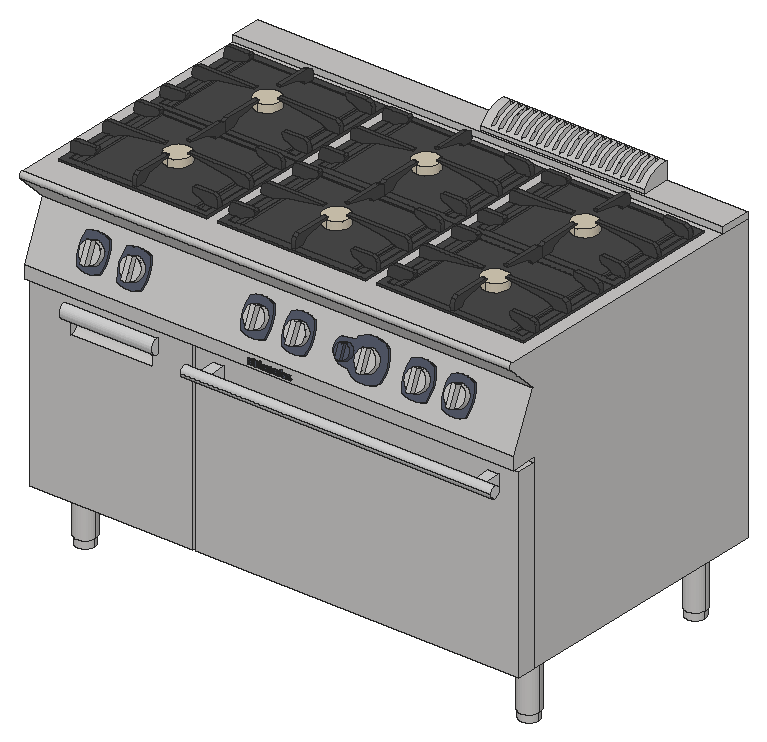
Revit family "QF_ELECTROLUXPROFESSIONAL_371407_E7AANTBFMII", category Attrezzature speciali, Revit 2018 (continued)
Automatic sketch dimensions
  Extrusion 41 sketch curve to Extrusion 41 sketch curve = 0.936 mm
  Extrusion 41 sketch curve to Extrusion 41 sketch curve = 0.594 mm
  Extrusion 41 sketch curve to Extrusion 41 sketch curve = 0.343 mm
  Extrusion 41 sketch curve to Extrusion 41 sketch curve = 0.159 mm
  Extrusion 41 sketch curve to Extrusion 41 sketch curve = 0.826 mm
  Extrusion 41 sketch curve to Extrusion 41 sketch curve = 0.839 mm
  Extrusion 41 sketch curve to Extrusion 41 sketch curve = 0.852 mm
  Extrusion 41 sketch curve to Extrusion 41 sketch curve = 0.887 mm
  Extrusion 41 sketch curve to Extrusion 41 sketch curve = 0.928 mm
  Extrusion 41 sketch curve to Extrusion 41 sketch curve = 0.938 mm
  Extrusion 41 sketch curve to Extrusion 41 sketch curve = 0.444 mm
  Extrusion 41 sketch curve to Extrusion 41 sketch curve = 1.11 mm  (x3)
  plane 7 "Center Y" to Extrusion 41 sketch curve = 43.726 mm
  Extrusion 41 sketch curve to Extrusion 41 sketch curve = 0.215 mm
  plane 7 "Center Y" to Extrusion 41 sketch curve = 0.332 mm
  Extrusion 41 sketch curve to Extrusion 41 sketch curve = 1.43 mm
  Extrusion 41 sketch curve to Extrusion 41 sketch curve = 1.188 mm
  Extrusion 41 sketch curve to Extrusion 41 sketch curve = 1.21 mm  (x2)
  Extrusion 41 sketch curve to Extrusion 41 sketch curve = 0.503 mm
  plane 7 "Center Y" to Extrusion 41 sketch curve = 48.995 mm
  Extrusion 41 sketch curve to Extrusion 41 sketch curve = 0.488 mm
  plane 7 "Center Y" to Extrusion 41 sketch curve = 52.922 mm
  Extrusion 41 sketch curve to Extrusion 41 sketch curve = 0.462 mm
  Extrusion 41 sketch curve to Extrusion 41 sketch curve = 1.386 mm
  Extrusion 41 sketch curve to Extrusion 41 sketch curve = 1.742 mm
  Extrusion 41 sketch curve to Extrusion 41 sketch curve = 0.821 mm
  Extrusion 41 sketch curve to Extrusion 41 sketch curve = 0.497 mm
  Extrusion 41 sketch curve to Extrusion 41 sketch curve = 0.539 mm
  Extrusion 41 sketch curve to Extrusion 41 sketch curve = 0.686 mm
  Extrusion 41 sketch curve to plane 7 "Center Y" = 0.042 mm
  Extrusion 41 sketch curve to Extrusion 41 sketch curve = 0.408 mm
  Extrusion 41 sketch curve to Extrusion 41 sketch curve = 0.743 mm
  Extrusion 41 sketch curve to Extrusion 41 sketch curve = 1.16 mm
  Extrusion 41 sketch curve to Extrusion 41 sketch curve = 0.329 mm
  Extrusion 41 sketch curve to Extrusion 41 sketch curve = 1.054 mm
  Extrusion 41 sketch curve to Extrusion 41 sketch curve = 1.056 mm
  Extrusion 41 sketch curve to Extrusion 41 sketch curve = 0.129 mm
  Extrusion 41 sketch curve to Extrusion 41 sketch curve = 0.489 mm
  Extrusion 41 sketch curve to plane 7 "Center Y" = 0.376 mm
  Extrusion 41 sketch curve to Extrusion 41 sketch curve = 0.441 mm
  Extrusion 41 sketch curve to Extrusion 41 sketch curve = 1.151 mm
  Extrusion 41 sketch curve to Extrusion 41 sketch curve = 1.141 mm  (x2)
  Extrusion 41 sketch curve to Extrusion 41 sketch curve = 0.768 mm
  Extrusion 41 sketch curve to Extrusion 41 sketch curve = 1.653 mm
  Extrusion 41 sketch curve to Extrusion 41 sketch curve = 0.499 mm
  Extrusion 41 sketch curve to Extrusion 41 sketch curve = 0.964 mm
  Extrusion 41 sketch curve to Extrusion 41 sketch curve = 0.949 mm
  Extrusion 41 sketch curve to Extrusion 41 sketch curve = 1.345 mm  (x3)
  Extrusion 41 sketch curve to Extrusion 41 sketch curve = 1.101 mm
  Extrusion 41 sketch curve to Extrusion 41 sketch curve = 0.432 mm
  Extrusion 41 sketch curve to Extrusion 41 sketch curve = 1.142 mm
  Extrusion 41 sketch curve to Extrusion 41 sketch curve = 0.959 mm
  Extrusion 41 sketch curve to Extrusion 41 sketch curve = 0.176 mm
  Extrusion 41 sketch curve to Extrusion 41 sketch curve = 0.728 mm
  Extrusion 41 sketch curve to Extrusion 41 sketch curve = 3.375 mm  (x2)
  Extrusion 41 sketch curve to Extrusion 41 sketch curve = 0.541 mm
  Extrusion 41 sketch curve to Extrusion 41 sketch curve = 0.955 mm
  Extrusion 41 sketch curve to Extrusion 41 sketch curve = 1.251 mm
  Extrusion 41 sketch curve to Extrusion 41 sketch curve = 0.572 mm
  plane 7 "Center Y" to Extrusion 41 sketch curve = 47.619 mm
  Extrusion 41 sketch curve to Extrusion 41 sketch curve = 1.92 mm
  Extrusion 41 sketch curve to Extrusion 41 sketch curve = 1.224 mm
  Extrusion 41 sketch curve to Extrusion 41 sketch curve = 0.745 mm
  Extrusion 41 sketch curve to Extrusion 41 sketch curve = 0.036 mm
  Extrusion 41 sketch curve to Extrusion 41 sketch curve = 0.896 mm  (x3)
  Extrusion 41 sketch curve to Extrusion 41 sketch curve = 2.607 mm
  Extrusion 41 sketch curve to Extrusion 41 sketch curve = 0.066 mm
  Extrusion 41 sketch curve to Extrusion 41 sketch curve = 0.248 mm
  Extrusion 41 sketch curve to Extrusion 41 sketch curve = 0.449 mm
  plane 7 "Center Y" to Extrusion 41 sketch curve = 46.838 mm
  Extrusion 41 sketch curve to Extrusion 41 sketch curve = 1.052 mm
  Extrusion 41 sketch curve to Extrusion 41 sketch curve = 1.863 mm
  Extrusion 41 sketch curve to Extrusion 41 sketch curve = 1.31 mm  (x2)
  Extrusion 41 sketch curve to Extrusion 41 sketch curve = 0.901 mm
  Extrusion 41 sketch curve to Extrusion 41 sketch curve = 1.107 mm
  Extrusion 41 sketch curve to Extrusion 41 sketch curve = 2.122 mm
  Extrusion 41 sketch curve to Extrusion 41 sketch curve = 2.101 mm
  Extrusion 41 sketch curve to Extrusion 41 sketch curve = 0.106 mm
  Extrusion 41 sketch curve to Extrusion 41 sketch curve = 0.029 mm
  plane 7 "Center Y" to Extrusion 41 sketch curve = 49.641 mm
  Extrusion 41 sketch curve to Extrusion 41 sketch curve = 2.09 mm
  Extrusion 41 sketch curve to Extrusion 41 sketch curve = 1.279 mm
  Extrusion 41 sketch curve to Extrusion 41 sketch curve = 2.008 mm
  Extrusion 41 sketch curve to Extrusion 41 sketch curve = 0.738 mm
  Extrusion 41 sketch curve to Extrusion 41 sketch curve = 0.382 mm
  Extrusion 41 sketch curve to Extrusion 41 sketch curve = 0.384 mm
  Extrusion 41 sketch curve to Extrusion 41 sketch curve = 0.002 mm
  Extrusion 41 sketch curve to Extrusion 41 sketch curve = 0.561 mm
  Extrusion 41 sketch curve to Extrusion 41 sketch curve = 0.592 mm
  Extrusion 41 sketch curve to Extrusion 41 sketch curve = 2.692 mm
  Extrusion 41 sketch curve to Extrusion 41 sketch curve = 1.259 mm
  plane 7 "Center Y" to Extrusion 41 sketch curve = 48.858 mm
  Extrusion 41 sketch curve to Extrusion 41 sketch curve = 0.802 mm
  Extrusion 41 sketch curve to Extrusion 41 sketch curve = 1.024 mm
  Extrusion 41 sketch curve to Extrusion 41 sketch curve = 0.682 mm
  Extrusion 41 sketch curve to Extrusion 41 sketch curve = 5.934 mm
  Extrusion 41 sketch curve to Extrusion 41 sketch curve = 2.186 mm
  Extrusion 41 sketch curve to Extrusion 41 sketch curve = 0.337 mm
  Extrusion 41 sketch curve to Extrusion 41 sketch curve = 0.021 mm
  Extrusion 41 sketch curve to Extrusion 41 sketch curve = 1.005 mm
  Extrusion 41 sketch curve to Extrusion 41 sketch curve = 0.552 mm
  Extrusion 41 sketch curve to Extrusion 41 sketch curve = 0.778 mm
  Extrusion 41 sketch curve to Extrusion 41 sketch curve = 0.063 mm
  Extrusion 41 sketch curve to Extrusion 41 sketch curve = 1.023 mm
  Extrusion 41 sketch curve to Extrusion 41 sketch curve = 3.804 mm
  Extrusion 41 sketch curve to Extrusion 41 sketch curve = 0.486 mm
  Extrusion 41 sketch curve to Extrusion 41 sketch curve = 0.266 mm
  Extrusion 41 sketch curve to plane 7 "Center Y" = 0.787 mm
  Extrusion 41 sketch curve to Extrusion 41 sketch curve = 1.547 mm
  Extrusion 41 sketch curve to Extrusion 41 sketch curve = 0.717 mm  (x2)
  Extrusion 41 sketch curve to Extrusion 41 sketch curve = 1.667 mm
  plane 7 "Center Y" to Extrusion 41 sketch curve = 44.532 mm
  Extrusion 41 sketch curve to Extrusion 41 sketch curve = 3.174 mm
  plane 7 "Center Y" to Extrusion 41 sketch curve = 0.368 mm
  Extrusion 41 sketch curve to Extrusion 41 sketch curve = 0.388 mm
  Extrusion 41 sketch curve to Extrusion 41 sketch curve = 1.342 mm
  plane 7 "Center Y" to Extrusion 41 sketch curve = 50.135 mm
  Extrusion 41 sketch curve to Extrusion 41 sketch curve = 1.521 mm
  plane 7 "Center Y" to Extrusion 41 sketch curve = 51.694 mm
  Extrusion 41 sketch curve to Extrusion 41 sketch curve = 0.124 mm
  Extrusion 41 sketch curve to Extrusion 41 sketch curve = 0.291 mm
  plane 7 "Center Y" to Extrusion 41 sketch curve = 7.285 mm
  Extrusion 41 sketch curve to Extrusion 41 sketch curve = 1.049 mm  (x2)
  plane 7 "Center Y" to Extrusion 41 sketch curve = 47.668 mm
  Extrusion 41 sketch curve to Extrusion 41 sketch curve = 1.7 mm
  Extrusion 41 sketch curve to Extrusion 41 sketch curve = 0.894 mm
  Extrusion 41 sketch curve to Extrusion 41 sketch curve = 0.989 mm
  Extrusion 41 sketch curve to Extrusion 41 sketch curve = 1.168 mm
  Extrusion 41 sketch curve to Extrusion 41 sketch curve = 1.594 mm
  Extrusion 41 sketch curve to Extrusion 41 sketch curve = 0.731 mm
  Extrusion 41 sketch curve to Extrusion 41 sketch curve = 1.566 mm
  Extrusion 41 sketch curve to Extrusion 41 sketch curve = 0.064 mm
  plane 7 "Center Y" to Extrusion 41 sketch curve = 7.842 mm
  Extrusion 41 sketch curve to Extrusion 41 sketch curve = 0.556 mm
  Extrusion 41 sketch curve to Extrusion 41 sketch curve = 0.48 mm
  Extrusion 41 sketch curve to Extrusion 41 sketch curve = 0.228 mm
  Extrusion 41 sketch curve to Extrusion 41 sketch curve = 1.018 mm
  plane 7 "Center Y" to Extrusion 41 sketch curve = 37.429 mm
  Extrusion 41 sketch curve to Extrusion 41 sketch curve = 0.787 mm
  Extrusion 41 sketch curve to Extrusion 41 sketch curve = 0.618 mm
  plane 7 "Center Y" to Extrusion 41 sketch curve = 42.486 mm
  Extrusion 41 sketch curve to Extrusion 41 sketch curve = 1.672 mm
  plane 7 "Center Y" to Extrusion 41 sketch curve = 53.436 mm
  Extrusion 41 sketch curve to Extrusion 41 sketch curve = 1.361 mm
  Extrusion 41 sketch curve to Extrusion 41 sketch curve = 0.822 mm
  Extrusion 41 sketch curve to Extrusion 41 sketch curve = 0.069 mm
  Extrusion 41 sketch curve to Extrusion 41 sketch curve = 1.88 mm
  plane 7 "Center Y" to Extrusion 41 sketch curve = 35.269 mm
  Extrusion 41 sketch curve to Extrusion 41 sketch curve = 0.42 mm
  Extrusion 41 sketch curve to Extrusion 41 sketch curve = 0.062 mm
  Extrusion 41 sketch curve to Extrusion 41 sketch curve = 1.355 mm
  Extrusion 41 sketch curve to Extrusion 41 sketch curve = 2.34 mm
  Extrusion 41 sketch curve to Extrusion 41 sketch curve = 0.493 mm
  Extrusion 41 sketch curve to Extrusion 41 sketch curve = 0.136 mm
  Extrusion 41 sketch curve to Extrusion 41 sketch curve = 0.128 mm
  Extrusion 41 sketch curve to Extrusion 41 sketch curve = 3.616 mm
  Extrusion 41 sketch curve to Extrusion 41 sketch curve = 4.207 mm
  Extrusion 41 sketch curve to Extrusion 41 sketch curve = 0.183 mm
  Extrusion 41 sketch curve to Extrusion 41 sketch curve = 0.895 mm
  Extrusion 41 sketch curve to Extrusion 41 sketch curve = 1.314 mm
  Extrusion 41 sketch curve to Extrusion 41 sketch curve = 3.231 mm
  Extrusion 41 sketch curve to plane 7 "Center Y" = 23.526 mm
  Extrusion 41 sketch curve to Extrusion 41 sketch curve = 1.299 mm
  Extrusion 41 sketch curve to Extrusion 41 sketch curve = 1.214 mm
  plane 7 "Center Y" to Extrusion 41 sketch curve = 26.369 mm
  Extrusion 41 sketch curve to Extrusion 41 sketch curve = 1.264 mm
  Extrusion 41 sketch curve to Extrusion 41 sketch curve = 0.109 mm
  Extrusion 41 sketch curve to Extrusion 41 sketch curve = 0.357 mm
  Extrusion 41 sketch curve to Extrusion 41 sketch curve = 0.565 mm
  Extrusion 41 sketch curve to Extrusion 41 sketch curve = 2.504 mm
  Extrusion 41 sketch curve to Extrusion 41 sketch curve = 2.459 mm
  Extrusion 41 sketch curve to Extrusion 41 sketch curve = 0.983 mm
  Extrusion 41 sketch curve to Extrusion 41 sketch curve = 0.422 mm  (x2)
  Extrusion 41 sketch curve to Extrusion 41 sketch curve = 1.268 mm
  Extrusion 41 sketch curve to Extrusion 41 sketch curve = 0.671 mm
  Extrusion 41 sketch curve to Extrusion 41 sketch curve = 1.634 mm
  Extrusion 41 sketch curve to Extrusion 41 sketch curve = 0.132 mm
  Extrusion 41 sketch curve to Extrusion 41 sketch curve = 0.586 mm
  Extrusion 41 sketch curve to Extrusion 41 sketch curve = 1.241 mm
  Extrusion 41 sketch curve to Extrusion 41 sketch curve = 1.689 mm
  Extrusion 41 sketch curve to Extrusion 41 sketch curve = 0.627 mm
  Extrusion 41 sketch curve to Extrusion 41 sketch curve = 0.419 mm
  Extrusion 41 sketch curve to Extrusion 41 sketch curve = 1.514 mm
  Extrusion 41 sketch curve to Extrusion 41 sketch curve = 1.019 mm
  Extrusion 41 sketch curve to Extrusion 41 sketch curve = 0.065 mm
  Extrusion 41 sketch curve to Extrusion 41 sketch curve = 1.215 mm
  Extrusion 41 sketch curve to Extrusion 41 sketch curve = 1.122 mm
  Extrusion 41 sketch curve to Extrusion 41 sketch curve = 1.153 mm
  Extrusion 41 sketch curve to Extrusion 41 sketch curve = 1.223 mm
  Extrusion 41 sketch curve to Extrusion 41 sketch curve = 0.934 mm
  Extrusion 41 sketch curve to Extrusion 41 sketch curve = 3.376 mm
  Extrusion 41 sketch curve to Extrusion 41 sketch curve = 0.222 mm
  Extrusion 41 sketch curve to Extrusion 41 sketch curve = 1.383 mm
  Extrusion 41 sketch curve to Extrusion 41 sketch curve = 1.556 mm
  Extrusion 41 sketch curve to Extrusion 41 sketch curve = 2.559 mm
  Extrusion 41 sketch curve to Extrusion 41 sketch curve = 2.51 mm
  Extrusion 41 sketch curve to Extrusion 41 sketch curve = 0.131 mm
  Extrusion 41 sketch curve to Extrusion 41 sketch curve = 1.134 mm
  Extrusion 41 sketch curve to Extrusion 41 sketch curve = 0.094 mm
  Extrusion 41 sketch curve to Extrusion 41 sketch curve = 1.584 mm
  Extrusion 41 sketch curve to Extrusion 41 sketch curve = 0.27 mm
  Extrusion 41 sketch curve to Extrusion 41 sketch curve = 0.916 mm
  Extrusion 41 sketch curve to Extrusion 41 sketch curve = 0.352 mm
  Extrusion 41 sketch curve to Extrusion 41 sketch curve = 0.458 mm
  Extrusion 41 sketch curve to Extrusion 41 sketch curve = 1.282 mm
  Extrusion 41 sketch curve to Extrusion 41 sketch curve = 1.363 mm
  Extrusion 41 sketch curve to Extrusion 41 sketch curve = 0.685 mm
  Extrusion 41 sketch curve to Extrusion 41 sketch curve = 0.905 mm
  Extrusion 41 sketch curve to Extrusion 41 sketch curve = 1.477 mm
  Extrusion 41 sketch curve to Extrusion 41 sketch curve = 0.472 mm
  Extrusion 41 sketch curve to Extrusion 41 sketch curve = 0.101 mm
  Extrusion 41 sketch curve to Extrusion 41 sketch curve = 0.54 mm
  Extrusion 41 sketch curve to Extrusion 41 sketch curve = 0.02 mm
  Extrusion 41 sketch curve to Extrusion 41 sketch curve = 0.829 mm
  Extrusion 41 sketch curve to Extrusion 41 sketch curve = 0.582 mm
  Extrusion 41 sketch curve to Extrusion 41 sketch curve = 0.166 mm
  Extrusion 41 sketch curve to Extrusion 41 sketch curve = 0.16 mm
  Extrusion 41 sketch curve to Extrusion 41 sketch curve = 1.118 mm
  Extrusion 41 sketch curve to Extrusion 41 sketch curve = 0.613 mm
  Extrusion 41 sketch curve to Extrusion 41 sketch curve = 0.781 mm
  Extrusion 41 sketch curve to Extrusion 41 sketch curve = 0.361 mm
  Extrusion 41 sketch curve to Extrusion 41 sketch curve = 0.897 mm
  Extrusion 41 sketch curve to Extrusion 41 sketch curve = 0.167 mm
  Extrusion 41 sketch curve to Extrusion 41 sketch curve = 0.292 mm
  Extrusion 41 sketch curve to Extrusion 41 sketch curve = 0.305 mm
  Extrusion 41 sketch curve to Extrusion 41 sketch curve = 1.557 mm
  Extrusion 41 sketch curve to Extrusion 41 sketch curve = 2.499 mm
  Extrusion 41 sketch curve to Extrusion 41 sketch curve = 3.062 mm
  Extrusion 41 sketch curve to Extrusion 41 sketch curve = 2.968 mm
  Extrusion 41 sketch curve to Extrusion 41 sketch curve = 5.044 mm
  Extrusion 41 sketch curve to Extrusion 41 sketch curve = 0.629 mm  (x2)
  Extrusion 41 sketch curve to Extrusion 41 sketch curve = 1.131 mm
  Extrusion 41 sketch curve to Extrusion 41 sketch curve = 0.137 mm
  Extrusion 41 sketch curve to Extrusion 41 sketch curve = 0.027 mm
  Extrusion 41 sketch curve to Extrusion 41 sketch curve = 2.046 mm
  Extrusion 41 sketch curve to Extrusion 41 sketch curve = 2.235 mm
  radius of Extrusion 8 sketch curve = 6.35 mm
  radius of Extrusion 13 sketch curve = 12.7 mm
  radius of Extrusion 17 sketch curve = 25.4 mm
  radius of Extrusion 18 sketch curve to Extrusion 17 = 0 mm  (x2)
  radius of Extrusion 20 sketch curve = 25.4 mm
  radius of Extrusion 21 sketch curve to Extrusion 20 = 0 mm  (x2)
  radius of Extrusion 22 sketch curve = 18.37 mm
  radius of Extrusion 25 sketch curve = 25.4 mm
  radius of Extrusion 26 sketch curve to Extrusion 25 = 0 mm  (x2)
  radius of Extrusion 28 sketch curve = 25.4 mm
  radius of Extrusion 29 sketch curve to Extrusion 28 = 0 mm  (x2)
  radius of Extrusion 33 sketch curve = 25.4 mm
  radius of Extrusion 34 sketch curve to Extrusion 33 = 0 mm  (x2)
  radius of Extrusion 36 sketch curve = 25.4 mm
  radius of Extrusion 37 sketch curve to Extrusion 36 = 0 mm  (x2)
  radius of Extrusion 39 sketch curve = 25.4 mm
  radius of Extrusion 40 sketch curve to Extrusion 39 = 0 mm  (x2)
Nested families
  nested 1: "371009_BURNER" at (23.5, -5, 0), type "371009_BURNER"
    with Type Mark "", Status "", Specification by User "", Revision Code "", Item Number "", Installed By "", Identify Quantity as Lot yes, Furnished By "", Foodservice Equipment Identifier yes
  nested 2: "371009_BURNER" at (23.5, -739.127, 0), type "371009_BURNER"
    with Type Mark "", Status "", Specification by User "", Revision Code "", Item Number "", Installed By "", Identify Quantity as Lot yes, Furnished By "", Foodservice Equipment Identifier yes
  nested 3: "371009_BURNER" at (412.5, -5, 0), type "371009_BURNER"
    with Type Mark "", Status "", Specification by User "", Revision Code "", Item Number "", Installed By "", Identify Quantity as Lot yes, Furnished By "", Foodservice Equipment Identifier yes
  nested 4: "371009_BURNER" at (412.5, -739.127, 0), type "371009_BURNER"
    with Type Mark "", Status "", Specification by User "", Revision Code "", Item Number "", Installed By "", Identify Quantity as Lot yes, Furnished By "", Foodservice Equipment Identifier yes
  nested 5: "371009_BURNER" at (1176.5, -5, 0) x (-1, 0, 0) z (0, 0, 1), type "371009_BURNER"
    with Type Mark "", Status "", Specification by User "", Revision Code "", Item Number "", Installed By "", Identify Quantity as Lot yes, Furnished By "", Foodservice Equipment Identifier yes
  nested 6: "371009_BURNER" at (1176.5, -739.127, 0) x (-1, 0, 0) z (0, 0, 1), type "371009_BURNER"
    with Type Mark "", Status "", Specification by User "", Revision Code "", Item Number "", Installed By "", Identify Quantity as Lot yes, Furnished By "", Foodservice Equipment Identifier yes
Connectors
  piping at (1147.613, -464, 141.185), diameter 12.8
    settings: on Extrusion 8, index 1, connector inside diameter 0.50394", connector length 0 mm, flow factor 0, pipe flow 0 GPM, pressure drop 0.00 psi, fitting loss kfactor 0, connector angle 0.00°, fixture units 0, engagement length 0 mm, angle of deflection 0.00°, flow configuration 1, flow direction 1, fitting loss method 0, system type 7, joint type 0, gender type 0, connector reference index -1, connector utility 0, adjustable connector no, is connector primary yes, connector description "Gas Inlet"
Definition of nested family "371009_BURNER"
  Parameters
    Weight in Pounds = 0
    URL Cutsheet = ""
    URL = "www.electrolux.com"
    Type Mark [instance] = ""
    Status [instance] = ""
    Specification by User [instance] = ""
    Specification by Manufacturer = ""
    Serial Number = ""
    Seismic Rating = ""
    SMACNA No = ""
    Revision Code [instance] = ""
    Omniclass Number and Title = ""
    NAFEM Spec ID Number = ""
    Model = "371009"
    Masterspec = ""
    Manufacturer = "ELECTROLUX"
    Item Number [instance] = ""
    Installed By [instance] = ""
    Identify Quantity as Lot [instance] = yes
    Furnished By [instance] = ""
    Foodservice Equipment Identifier [instance] = yes
    Description = ""
    CSI MasterFormat = ""
    CSI Master Format = ""
  Reference planes
    plane 1 "BACK": y = 0
    plane 2: z = 0
    plane 3 "LEFT": x = 0
    plane 4 "RIGHT": x = 800
    plane 5 "FRONT": y = -700
    plane 6 "TOP": z = 908.85
    plane 7 "Center Y": x = 400
    plane 8 "Center X": y = -350
    plane 9 "Base": z = 150
    plane 10: z = 850.85
  Forms (mm)
    Extrusion 1, solid
      sketch origin (0, -734.127, 5) x (1, 0, 0) y (0, 0, -1)
        loop
          arc (7.142, -850.85) -> (6.739, -862.989) -> (9.761, -874.752) r 42.809
          line (9.761, -874.752) -> (19.961, -879.425) -> (157.339, -879.425)
          arc (157.339, -879.425) -> (158.533, -878.312) -> (157.506, -877.043) r 1.197
          line (157.506, -877.043) -> (64.848, -864.021)
          arc (64.848, -864.021) -> (50.111, -858.738) -> (36.589, -850.85) r 85.245
          line (36.589, -850.85) -> (7.142, -850.85)
        loop
          line (367.858, -850.85) -> (338.411, -850.85)
          arc (338.411, -850.85) -> (324.889, -858.738) -> (310.152, -864.021) r 85.245
          line (310.152, -864.021) -> (217.494, -877.043)
          arc (217.494, -877.043) -> (216.467, -878.312) -> (217.661, -879.425) r 1.197
          line (217.661, -879.425) -> (355.039, -879.425) -> (365.239, -874.752)
          arc (365.239, -874.752) -> (368.261, -862.989) -> (367.858, -850.85) r 42.809
      from 224.564 to 234.564
    Extrusion 2, solid
      sketch origin (0, -734.127, 5) x (1, 0, 0) y (0, 0, -1)
        loop
          arc (7.056, -850.85) -> (6.705, -862.948) -> (9.748, -874.663) r 42.876
          line (9.748, -874.663) -> (19.961, -879.425) -> (65.851, -879.425)
          arc (65.851, -879.425) -> (68.577, -878.352) -> (69.841, -875.709) r 4
          arc (69.841, -875.709) -> (68.75, -869.25) -> (64.816, -864.012) r 13.87
          arc (64.816, -864.012) -> (50.096, -858.731) -> (36.589, -850.85) r 85.245
          line (36.589, -850.85) -> (7.056, -850.85)
        loop
          line (367.944, -850.85) -> (338.411, -850.85)
          arc (338.411, -850.85) -> (324.904, -858.731) -> (310.184, -864.012) r 85.245
          arc (310.184, -864.012) -> (306.25, -869.25) -> (305.159, -875.709) r 13.87
          arc (305.159, -875.709) -> (306.423, -878.352) -> (309.149, -879.425) r 4
          line (309.149, -879.425) -> (355.039, -879.425) -> (365.252, -874.663)
          arc (365.252, -874.663) -> (368.295, -862.948) -> (367.944, -850.85) r 42.876
      from 127.064 to 137.064
    Extrusion 3, solid
      sketch origin (0, -275, 5) x (1, 0, 0) y (0, 0, 1)
        loop
          arc (64.816, 864.012) -> (68.75, 869.25) -> (69.841, 875.709) r 13.87
          arc (69.841, 875.709) -> (68.577, 878.352) -> (65.851, 879.425) r 4
          line (65.851, 879.425) -> (19.961, 879.425) -> (9.748, 874.663)
          arc (9.748, 874.663) -> (6.705, 862.948) -> (7.056, 850.85) r 42.876
          line (7.056, 850.85) -> (36.589, 850.85)
          arc (36.589, 850.85) -> (50.096, 858.731) -> (64.816, 864.012) r 85.245
        loop
          arc (310.184, 864.012) -> (324.904, 858.731) -> (338.411, 850.85) r 85.245
          line (338.411, 850.85) -> (367.944, 850.85)
          arc (367.944, 850.85) -> (368.295, 862.948) -> (365.252, 874.663) r 42.876
          line (365.252, 874.663) -> (355.039, 879.425) -> (309.149, 879.425)
          arc (309.149, 879.425) -> (306.423, 878.352) -> (305.159, 875.709) r 4
          arc (305.159, 875.709) -> (306.25, 869.25) -> (310.184, 864.012) r 13.87
      from 127.064 to 137.064
    Extrusion 4, solid
      sketch origin (454.964, -29.48, 5) x (0, -1, 0) y (0, 0, 1)
        loop
          arc (366.649, 850.85) -> (375.927, 861.743) -> (389.337, 866.736) r 28.426
          line (389.337, 866.736) -> (441.256, 877.043)
          arc (441.256, 877.043) -> (442.283, 878.312) -> (441.089, 879.425) r 1.197
          line (441.089, 879.425) -> (347.797, 879.425)
          arc (347.797, 879.425) -> (343.211, 875.934) -> (337.583, 874.694) r 13.39
          line (337.583, 874.694) -> (337.583, 850.85) -> (366.649, 850.85)
        loop
          arc (606.236, 850.85) -> (606.587, 862.948) -> (603.543, 874.663) r 42.876
          line (603.543, 874.663) -> (593.33, 879.425) -> (509.077, 879.425)
          arc (509.077, 879.425) -> (507.883, 878.312) -> (508.911, 877.043) r 1.197
          line (508.911, 877.043) -> (560.83, 866.736)
          arc (560.83, 866.736) -> (574.239, 861.743) -> (583.518, 850.85) r 28.426
          line (583.518, 850.85) -> (606.236, 850.85)
      from 262.464 to 272.464
    Extrusion 5, solid
      sketch origin (0, 0, 850.85) x (0, -1, 0) y (1, 0, 0)
        loop
          line (642.216, 6.433) -> (642.216, 368.567) -> (367.857, 368.567) -> (367.857, 6.433) -> (642.216, 6.433)
        loop
          line (382.857, 21.433) -> (627.216, 21.433) -> (627.216, 353.567) -> (382.857, 353.567) -> (382.857, 21.433)
      from 0 to 5
    Extrusion 6, solid
      sketch origin (-12.5, 0, 855.85) x (0, -1, 0) y (1, 0, 0)
        loop
          circle (504.356, 200) r 30
      from -1.321 to 17.134
    Extrusion 7, solid
      sketch origin (0, -734.127, 0) x (1, 0, 0) y (0, 0, -1)
        loop
          line (21.433, -855.85) -> (36.589, -855.85)
          arc (36.589, -855.85) -> (40.561, -855.243) -> (44.305, -853.783) r 18.259
          arc (44.305, -853.783) -> (45.997, -853.366) -> (47.69, -853.783) r 3.649
          arc (47.69, -853.783) -> (49.901, -854.522) -> (52.232, -854.529) r 7.328
          line (52.232, -854.529) -> (322.768, -854.529)
          arc (322.768, -854.529) -> (325.099, -854.522) -> (327.31, -853.783) r 7.328
          arc (327.31, -853.783) -> (329.003, -853.366) -> (330.695, -853.783) r 3.649
          arc (330.695, -853.783) -> (334.439, -855.243) -> (338.411, -855.85) r 18.259
          line (338.411, -855.85) -> (353.567, -855.85) -> (353.567, -850.85) -> (21.433, -850.85) -> (21.433, -855.85)
      from 106.911 to 351.27
  Lines and regions (mm)
    symbolic lines
      curve 1: line (6.433, -642.216, 150) -> (368.567, -642.216, 150)
      curve 2: line (6.433, -367.857, 150) -> (6.433, -642.216, 150)
      curve 3: line (368.567, -367.857, 150) -> (192.5, -367.857, 150)
      curve 4: line (368.567, -642.216, 150) -> (368.567, -367.857, 150)
      curve 5: line (353.567, -382.857, 150) -> (192.5, -382.857, 150)
      curve 6: line (353.567, -627.216, 150) -> (353.567, -607.064, 150)
      curve 7: line (21.433, -627.216, 150) -> (182.5, -627.216, 150)
      curve 8: line (21.433, -382.857, 150) -> (21.433, -402.064, 150)
      curve 9: line (52.232, -627.216, 150) -> (52.232, -607.064, 150)
      curve 10: line (322.567, -382.857, 150) -> (322.567, -402.064, 150)
      curve 11: line (148.125, -499.564, 150) -> (148.125, -382.857, 150)
      curve 12: line (154.375, -382.857, 150) -> (154.375, -499.564, 150)
      curve 13: arc (148.297, -509.564, 150) -> (159.191, -533.254, 150) -> (182.5, -544.942, 150) r 39.375
      curve 14: arc (220.42, -509.564, 150) -> (211.39, -528.832, 150) -> (192.5, -538.631, 150) r 33.125
      curve 15: line (220.625, -382.857, 150) -> (220.625, -499.564, 150)
      curve 16: line (226.875, -499.564, 150) -> (226.875, -382.857, 150)
      curve 17: line (192.5, -636.339, 150) -> (192.5, -535.619, 150)
      curve 18: arc (182.657, -474.75, 150) -> (166.195, -483.236, 150) -> (157.853, -499.771, 150) r 30
      curve 19: arc (192.224, -533.982, 150) -> (208.621, -525.661, 150) -> (217.084, -509.337, 150) r 30
      curve 20: line (368.567, -597.064, 150) -> (305.159, -597.064, 150)
      curve 21: line (6.433, -607.064, 150) -> (69.841, -607.064, 150)
      curve 22: line (6.433, -509.564, 150) -> (156.429, -509.564, 150)
      curve 23: line (368.567, -499.564, 150) -> (218.571, -499.564, 150)
      curve 24: line (6.433, -412.064, 150) -> (69.841, -412.064, 150)
      curve 25: line (368.567, -402.064, 150) -> (305.159, -402.064, 150)
      curve 26: line (69.841, -597.064, 150) -> (6.433, -597.064, 150)
      curve 27: line (305.159, -607.064, 150) -> (368.567, -607.064, 150)
      curve 28: line (69.841, -402.064, 150) -> (6.433, -402.064, 150)
      curve 29: line (305.159, -412.064, 150) -> (368.567, -412.064, 150)
      curve 30: arc (69.841, -597.064, 150) -> (74.841, -602.064, 150) -> (69.841, -607.064, 150) r 5
      curve 31: arc (305.159, -607.064, 150) -> (300.159, -602.064, 150) -> (305.159, -597.064, 150) r 5
      curve 32: arc (69.841, -402.064, 150) -> (74.841, -407.064, 150) -> (69.841, -412.064, 150) r 5
      curve 33: arc (305.159, -412.064, 150) -> (300.159, -407.064, 150) -> (305.159, -402.064, 150) r 5
      curve 34: line (21.433, -412.064, 150) -> (21.433, -499.564, 150)
      curve 35: line (52.232, -402.064, 150) -> (52.232, -382.857, 150)
      curve 36: line (21.433, -509.564, 150) -> (21.433, -597.064, 150)
      curve 37: line (52.232, -499.564, 150) -> (52.232, -412.064, 150)
      curve 38: line (52.232, -597.064, 150) -> (52.232, -509.564, 150)
      curve 39: line (21.433, -607.064, 150) -> (21.433, -627.216, 150)
      curve 40: line (322.567, -607.064, 150) -> (322.567, -627.216, 150)
      curve 41: line (353.567, -597.064, 150) -> (353.567, -509.564, 150)
      curve 42: line (322.567, -509.564, 150) -> (322.567, -597.064, 150)
      curve 43: line (353.567, -499.564, 150) -> (353.567, -412.064, 150)
      curve 44: line (353.567, -402.064, 150) -> (353.567, -382.857, 150)
      curve 45: line (322.567, -412.064, 150) -> (322.567, -499.564, 150)
      curve 46: line (156.429, -499.564, 150) -> (6.433, -499.564, 150)
      curve 47: line (218.571, -509.564, 150) -> (368.567, -509.564, 150)
      curve 48: arc (218.571, -499.564, 150) -> (213.571, -504.564, 150) -> (218.571, -509.564, 150) r 5
      curve 49: arc (156.429, -499.564, 150) -> (161.429, -504.564, 150) -> (156.429, -509.564, 150) r 5
      curve 50: arc (157.916, -509.337, 150) -> (166.379, -525.661, 150) -> (182.776, -533.982, 150) r 30
      curve 51: arc (217.147, -499.771, 150) -> (208.805, -483.236, 150) -> (192.343, -474.75, 150) r 30
      curve 52: line (182.5, -535.619, 150) -> (182.5, -636.339, 150)
      curve 53: line (192.5, -473.508, 150) -> (192.5, -367.064, 150)
      curve 54: arc (192.5, -535.619, 150) -> (187.5, -530.619, 150) -> (182.5, -535.619, 150) r 5
      curve 55: arc (192.5, -473.508, 150) -> (187.5, -478.508, 150) -> (182.5, -473.508, 150) r 5
      curve 56: line (182.5, -367.857, 150) -> (6.433, -367.857, 150)
      curve 57: line (182.5, -382.857, 150) -> (21.433, -382.857, 150)
      curve 58: arc (192.5, -404.571, 150) -> (196.398, -417.071, 150) -> (192.5, -429.571, 150) r 21.993
      curve 59: arc (196.181, -420.148, 150) -> (199.482, -417.071, 150) -> (196.181, -413.995, 150) r 3.084
      curve 60: arc (182.5, -404.571, 150) -> (178.602, -417.071, 150) -> (182.5, -429.571, 150) r 21.993
      curve 61: arc (178.819, -420.148, 150) -> (175.518, -417.071, 150) -> (178.819, -413.995, 150) r 3.084
      curve 62: line (182.5, -367.064, 150) -> (182.5, -473.508, 150)
      curve 63: arc (182.5, -538.631, 150) -> (163.61, -528.832, 150) -> (154.58, -509.564, 150) r 33.125
      curve 64: arc (192.5, -544.942, 150) -> (215.809, -533.254, 150) -> (226.703, -509.564, 150) r 39.375
      curve 65: line (182.5, -636.339, 150) -> (192.5, -636.339, 150)
      curve 66: line (182.5, -377.277, 150) -> (192.5, -377.277, 150)
      curve 67: line (182.5, -367.064, 150) -> (192.5, -367.064, 150)
      curve 68: line (192.5, -627.216, 150) -> (353.567, -627.216, 150)
  Dimensions and locks
    equal spacing: plane 3 "LEFT", plane 7 "Center Y", plane 4 "RIGHT"
    plane 3 "LEFT" to plane 4 "RIGHT" = 800 mm
    equal spacing: plane 5 "FRONT", plane 8 "Center X", plane 1 "BACK"
    plane 5 "FRONT" to plane 1 "BACK" = 700 mm
    plane 6 "TOP" to level = 908.85 mm
    plane 9 "Base" to level = 150 mm
    plane 6 "TOP" to plane 10 = 58 mm  (x2)
    aligned and locked: level to plane 2
  Automatic sketch dimensions
    Extrusion 5 sketch curve to Extrusion 5 sketch curve = 15 mm  (x2)
    Extrusion 5 sketch curve to Extrusion 5 sketch curve = 332.134 mm
    plane 3 "LEFT" to Extrusion 2 sketch curve = 7.056 mm
    plane 3 "LEFT" to Extrusion 2 sketch curve = 9.748 mm
    Extrusion 2 sketch curve to Extrusion 2 sketch curve = 10.213 mm  (x2)
    plane 10 to Extrusion 2 sketch curve = 5 mm  (x2)
    Extrusion 2 sketch curve to Extrusion 2 sketch curve = 29.533 mm
    Extrusion 2 sketch curve to Extrusion 2 sketch curve = 12.72 mm  (x2)
    Extrusion 2 sketch curve to Extrusion 2 sketch curve = 6.697 mm
    Extrusion 2 sketch curve to Extrusion 2 sketch curve = 8.81 mm
    Extrusion 2 sketch curve to Extrusion 2 sketch curve = 9.845 mm  (x2)
    Extrusion 2 sketch curve to Extrusion 2 sketch curve = 3.99 mm  (x2)
    Extrusion 2 sketch curve to Extrusion 2 sketch curve = 0 mm  (x2)
    Extrusion 2 sketch curve to Extrusion 2 sketch curve = 36.813 mm
    Extrusion 2 sketch curve to plane 7 "Center Y" = 111.122 mm
    Extrusion 2 sketch curve to plane 6 "TOP" = 28.141 mm
    Extrusion 2 sketch curve to plane 7 "Center Y" = 94.841 mm
    Extrusion 2 sketch curve to Extrusion 2 sketch curve = 1.035 mm
    Extrusion 2 sketch curve to Extrusion 2 sketch curve = 15.507 mm
    Extrusion 2 sketch curve to Extrusion 2 sketch curve = 16.628 mm
    Extrusion 2 sketch curve to Extrusion 2 sketch curve = 2.692 mm
    Extrusion 2 sketch curve to plane 6 "TOP" = 24.425 mm
    Extrusion 2 sketch curve to Extrusion 2 sketch curve = 28.575 mm
    Extrusion 2 sketch curve to Extrusion 2 sketch curve = 3.716 mm
    Extrusion 2 sketch curve to Extrusion 2 sketch curve = 4.763 mm  (x2)
    plane 3 "LEFT" to Extrusion 1 sketch curve = 7.142 mm
    plane 3 "LEFT" to Extrusion 1 sketch curve = 9.761 mm
    Extrusion 1 sketch curve to Extrusion 1 sketch curve = 10.201 mm  (x2)
    plane 10 to Extrusion 1 sketch curve = 5 mm  (x2)
    Extrusion 1 sketch curve to Extrusion 1 sketch curve = 29.447 mm
    Extrusion 1 sketch curve to Extrusion 1 sketch curve = 12.704 mm  (x2)
    Extrusion 1 sketch curve to Extrusion 1 sketch curve = 15.555 mm  (x2)
    Extrusion 1 sketch curve to Extrusion 1 sketch curve = 36.829 mm
    Extrusion 1 sketch curve to plane 6 "TOP" = 24.425 mm  (x2)
    Extrusion 1 sketch curve to Extrusion 1 sketch curve = 92.491 mm
    Extrusion 1 sketch curve to plane 6 "TOP" = 26.807 mm  (x2)
    Extrusion 1 sketch curve to Extrusion 1 sketch curve = 0.167 mm  (x2)
    Extrusion 1 sketch curve to Extrusion 1 sketch curve = 59.988 mm
    Extrusion 1 sketch curve to plane 7 "Center Y" = 111.122 mm
    plane 10 to Extrusion 1 sketch curve = 18.171 mm
    Extrusion 1 sketch curve to Extrusion 1 sketch curve = 21.274 mm
    Extrusion 1 sketch curve to Extrusion 1 sketch curve = 16.628 mm
    Extrusion 1 sketch curve to Extrusion 1 sketch curve = 2.618 mm
    Extrusion 1 sketch curve to Extrusion 1 sketch curve = 4.673 mm  (x2)
    Extrusion 1 sketch curve to Extrusion 1 sketch curve = 5.694 mm
    plane 3 "LEFT" to Extrusion 3 sketch curve = 7.056 mm
    plane 3 "LEFT" to Extrusion 3 sketch curve = 9.748 mm
    Extrusion 3 sketch curve to Extrusion 3 sketch curve = 10.213 mm  (x2)
    plane 10 to Extrusion 3 sketch curve = 5 mm  (x2)
    Extrusion 3 sketch curve to Extrusion 3 sketch curve = 29.533 mm
    Extrusion 3 sketch curve to Extrusion 3 sketch curve = 12.72 mm  (x2)
    Extrusion 3 sketch curve to Extrusion 3 sketch curve = 6.697 mm
    Extrusion 3 sketch curve to Extrusion 3 sketch curve = 8.81 mm
    Extrusion 3 sketch curve to Extrusion 3 sketch curve = 9.845 mm  (x2)
    Extrusion 3 sketch curve to Extrusion 3 sketch curve = 3.99 mm  (x2)
    Extrusion 3 sketch curve to Extrusion 3 sketch curve = 0 mm  (x2)
    Extrusion 3 sketch curve to Extrusion 3 sketch curve = 36.813 mm
    Extrusion 3 sketch curve to plane 7 "Center Y" = 111.122 mm
    Extrusion 3 sketch curve to plane 6 "TOP" = 28.141 mm
    Extrusion 3 sketch curve to plane 7 "Center Y" = 94.841 mm
    Extrusion 3 sketch curve to Extrusion 3 sketch curve = 1.035 mm
    Extrusion 3 sketch curve to Extrusion 3 sketch curve = 15.507 mm
    Extrusion 3 sketch curve to Extrusion 3 sketch curve = 16.628 mm
    Extrusion 3 sketch curve to Extrusion 3 sketch curve = 2.692 mm
    Extrusion 3 sketch curve to plane 10 = 64.377 mm  (x2)
    plane 10 to Extrusion 3 sketch curve = 12.281 mm  (x2)
    Extrusion 3 sketch curve to Extrusion 3 sketch curve = 10.713 mm
    Extrusion 5 to Extrusion 6 sketch curve = 121.499 mm
    Extrusion 5 to Extrusion 6 sketch curve = 166.067 mm
    plane 3 "LEFT" to Extrusion 5 sketch curve = 21.433 mm
    Extrusion 5 sketch curve to plane 5 "FRONT" = 72.784 mm
    plane 3 "LEFT" to Extrusion 7 sketch curve = 21.433 mm
    Extrusion 7 sketch curve to Extrusion 7 sketch curve = 14.402 mm
    plane 10 to Extrusion 7 sketch curve = 5 mm
    plane 10 to Extrusion 7 sketch curve = 2.933 mm  (x4)
    Extrusion 7 sketch curve to Extrusion 7 sketch curve = 7.716 mm  (x2)
    Extrusion 7 sketch curve to Extrusion 7 sketch curve = 0 mm  (x2)
    Extrusion 7 sketch curve to Extrusion 7 sketch curve = 1.692 mm  (x2)
    Extrusion 7 sketch curve to Extrusion 7 sketch curve = 3.385 mm  (x2)
    Extrusion 7 sketch curve to plane 10 = 3.559 mm  (x2)
    Extrusion 7 sketch curve to Extrusion 7 sketch curve = 302.478 mm
    Extrusion 7 sketch curve to Extrusion 7 sketch curve = 15.253 mm
    Extrusion 7 sketch curve to Extrusion 7 sketch curve = 15.156 mm  (x2)
    Extrusion 7 sketch curve to Extrusion 7 sketch curve = 3.233 mm
    Extrusion 7 sketch curve to plane 10 = 0 mm
    Extrusion 7 sketch curve to plane 7 "Center Y" = 77.232 mm
    Extrusion 5 sketch curve to plane 8 "Center X" = 32.857 mm
    plane 3 "LEFT" to Extrusion 5 sketch curve = 6.433 mm
    plane 1 "BACK" to Extrusion 5 sketch curve = 367.857 mm
    plane 10 to Extrusion 4 sketch curve = 5 mm  (x2)
    Extrusion 4 sketch curve to Extrusion 4 sketch curve = 29.066 mm
    Extrusion 4 sketch curve to Extrusion 4 sketch curve = 22.688 mm
    Extrusion 4 sketch curve to plane 10 = 7.392 mm  (x2)
    Extrusion 4 sketch curve to Extrusion 4 sketch curve = 25.583 mm
    Extrusion 4 sketch curve to plane 6 "TOP" = 24.425 mm  (x2)
    Extrusion 4 sketch curve to Extrusion 4 sketch curve = 51.752 mm
    Extrusion 4 sketch curve to Extrusion 4 sketch curve = 0.167 mm  (x2)
    Extrusion 4 sketch curve to plane 6 "TOP" = 26.807 mm
    Extrusion 4 sketch curve to Extrusion 4 sketch curve = 67.655 mm
    Extrusion 4 sketch curve to Extrusion 4 sketch curve = 49.024 mm
    Extrusion 4 sketch curve to Extrusion 4 sketch curve = 2.895 mm
    Extrusion 4 sketch curve to Extrusion 4 sketch curve = 3.153 mm
    Extrusion 4 sketch curve to Extrusion 4 sketch curve = 19.535 mm
    Extrusion 4 sketch curve to Extrusion 4 sketch curve = 9.813 mm
    Extrusion 4 sketch curve to Extrusion 4 sketch curve = 10.213 mm
    Extrusion 4 sketch curve to Extrusion 4 sketch curve = 22.718 mm
    Extrusion 4 sketch curve to Extrusion 4 sketch curve = 8.605 mm
    Extrusion 4 sketch curve to Extrusion 4 sketch curve = 4.731 mm
    Extrusion 4 sketch curve to Extrusion 4 sketch curve = 2.382 mm
    Extrusion 4 sketch curve to Extrusion 4 sketch curve = 8.658 mm
    Extrusion 4 sketch curve to plane 8 "Center X" = 17.064 mm
    curve 13 to curve 14 = 0 mm  (x2)
    curve 13 to curve 63 = 0 mm  (x2)
    curve 13 to curve 64 = 0 mm  (x2)
    curve 18 to curve 19 = 0 mm  (x2)
    curve 18 to curve 50 = 0 mm  (x2)
    curve 18 to curve 51 = 0 mm  (x2)
    curve 25 to plane 7 "Center Y" = 31.433 mm
    curve 3 to curve 44 = 15 mm
    curve 43 to curve 44 = 0 mm
    curve 1 to curve 68 = 15 mm
    curve 41 to curve 43 = 0 mm
    curve 6 to curve 40 = 31 mm
    curve 41 to curve 42 = 31 mm
    curve 43 to curve 45 = 31 mm
    curve 10 to curve 45 = 0 mm
    curve 40 to curve 27 = 17.408 mm
    curve 45 to curve 29 = 17.408 mm
    curve 16 to curve 64 = 0.172 mm
    curve 16 to curve 15 = 6.25 mm
    curve 64 to curve 14 = 6.283 mm
    curve 15 to curve 23 = 2.054 mm
    curve 23 to curve 51 = 1.424 mm
    curve 47 to curve 19 = 1.487 mm
    curve 15 to curve 60 = 20.029 mm
    curve 60 to curve 59 = 4.198 mm
    curve 59 to curve 59 = 0.216 mm  (x2)
    curve 19 to curve 64 = 24.584 mm
    curve 55 to curve 51 = 0.157 mm
    curve 54 to curve 19 = 0.276 mm
    curve 19 to curve 64 = 4.724 mm
    curve 18 to curve 13 = 0 mm
    curve 54 to curve 54 = 5 mm
    curve 50 to curve 54 = 0.276 mm
    curve 18 to curve 55 = 0.157 mm
    curve 60 to curve 61 = 3.681 mm
    curve 61 to curve 61 = 0 mm
    curve 61 to curve 61 = 0.216 mm
    curve 61 to curve 58 = 4.198 mm
    curve 13 to curve 50 = 29.584 mm
    curve 50 to curve 18 = 0.064 mm
    curve 50 to curve 22 = 1.487 mm
    curve 22 to curve 63 = 1.849 mm
    curve 49 to curve 12 = 2.054 mm
    curve 63 to curve 13 = 6.283 mm
    curve 12 to curve 11 = 6.25 mm
    plane 3 "LEFT" to curve 30 = 69.841 mm
    plane 3 "LEFT" to curve 28 = 69.841 mm
    plane 3 "LEFT" to curve 38 = 52.232 mm
    curve 24 to curve 37 = 17.609 mm
    curve 9 to curve 38 = 0 mm
    curve 28 to curve 35 = 17.609 mm
    plane 3 "LEFT" to curve 39 = 21.433 mm
    plane 3 "LEFT" to curve 8 = 21.433 mm
    curve 34 to curve 8 = 0 mm
    curve 36 to curve 34 = 0 mm
    plane 3 "LEFT" to curve 21 = 6.433 mm
    curve 67 to curve 56 = 0.794 mm
    curve 67 to curve 3 = 0.794 mm
    curve 56 to curve 66 = 9.419 mm
    curve 10 to curve 33 = 19.206 mm
    curve 8 to curve 8 = 19.206 mm
    curve 57 to curve 60 = 21.714 mm
    curve 60 to curve 58 = 0 mm
    curve 28 to curve 32 = 5 mm
    curve 33 to curve 33 = 5 mm
    curve 58 to curve 59 = 9.423 mm
    curve 61 to curve 58 = 3.077 mm
    curve 60 to curve 62 = 43.937 mm
    curve 51 to curve 15 = 24.814 mm
    curve 23 to curve 51 = 0.207 mm
    curve 18 to curve 13 = 1.529 mm
    curve 38 to curve 38 = 87.5 mm
    curve 42 to curve 31 = 87.5 mm
    curve 26 to curve 30 = 5 mm
    curve 31 to curve 31 = 5 mm
    curve 9 to curve 9 = 20.152 mm
    curve 65 to plane 5 "FRONT" = 63.661 mm
    curve 6 to curve 4 = 15 mm
    curve 55 to curve 55 = 5 mm
    curve 53 to curve 18 = 5 mm
    curve 45 to curve 16 = 95.692 mm
    curve 2 to curve 57 = 15 mm
    curve 10 to plane 8 "Center X" = 32.857 mm
    curve 57 to plane 8 "Center X" = 32.857 mm
    curve 6 to curve 68 = 20.152 mm
    radius of Extrusion 6 sketch curve = 30 mm
Types (2, lengths in mm): name | URL | Modello | Produttore | Gas Size | Descrizione
  (no name) | "www.electrolux.com" | "371005" | "ELECTROLUX" | 0" | "700XP 6-Burner Gas Range on Gas Oven Cupboard"
  Standard | "https://www.electroluxprofessional.com/" | "E7AANTBFMII" | "Electrolux Professional" | 1/2" | "6-BURNER GAS RANGE+GAS OVEN+CUPB. 1200MM - QMARK"
